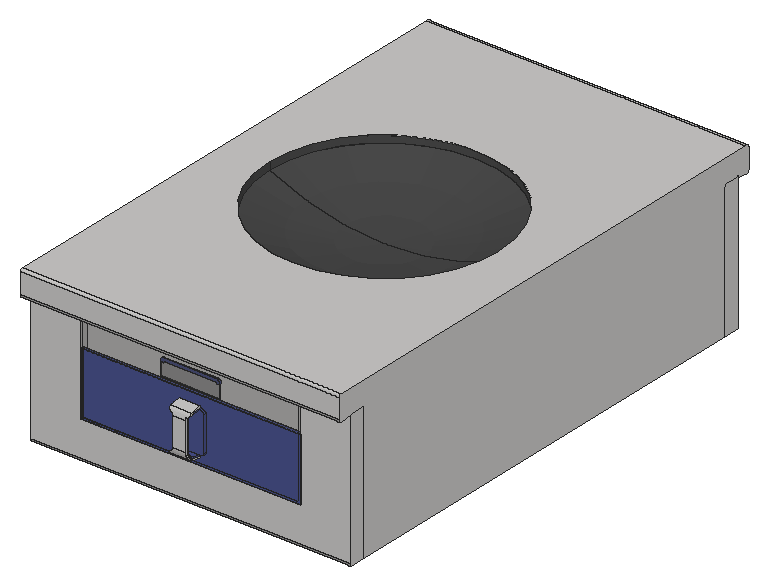
Revit family "QF_ELECTROLUXPROFESSIONAL_588025_MAIHAAEOAO", category Specialty Equipment, Revit 2018
Family settings
  Round Connector Dimension = Use Diameter
  Part Type = Normal
  Work Plane-Based = No
  Always vertical = Yes
  Cut with Voids When Loaded = No
  Shared = No
  Room Calculation Point = No
Parameters
  Weight in Pounds = 33.0693
  Watts = 5000 VA  # 5000 W
  Volts = 400 V  # constant formula
  URL Cutsheet = ""
  Type Mark [instance] = ""
  Status [instance] = ""
  Specification by User [instance] = ""
  Specification by Manufacturer = ""
  Serial Number = ""
  Seismic Rating = ""
  SMACNA No = ""
  Revision Code [instance] = ""
  Phase = 3  # constant formula
  Omniclass Number and Title = ""
  Number of Poles [instance] = 1
  NAFEM Spec ID Number = ""
  Model = "588025"
  Min Ckt Ampacity = 0 A
  Max Overcurrent Protection = 0 A
  Masterspec = ""
  Manufacturer = "ELECTROLUX"
  Item Number [instance] = ""
  Installed By [instance] = ""
  Identify Quantity as Lot [instance] = yes
  HP = "6.7 HP"
  Furnished By [instance] = ""
  Foodservice Equipment Identifier [instance] = yes
  FL Amps [instance] = if(Phase = 3, Watts / (Volts * 1.73), Watts / Volts)  # 7.22543 A
  Electrical Remarks = "400 V/3N ph/50/60 Hz"  # constant formula
  Electric Connection Type [instance] = ""
  Elec Conn RI Height [instance] = 0 mm
  Elec Conn Connection Height [instance] = 0 mm
  Direct Waste Size = 0"
  Description = "INDUCTION WOK,1 ZONE,1-SIDE,500X800X250H"
  Cycle [instance] = if([60 Hertz Option], 60 Hz, 50 Hz)  # 60 Hz
  Conn Plug = ""
  Conn Conduit = yes
  CSI MasterFormat = ""
  CSI Master Format = ""
  Apparent Power [instance] = if(Phase = 3, Volts * FL Amps * 1.73, Volts * FL Amps)  # 5000 VA
  60 Hertz Option [instance] = not([50 Hertz Option])  # yes
  50 Hertz Option [instance] = no
Reference planes
  plane 1 "BACK": y = 0
  plane 2: z = 0
  plane 3 "LEFT": x = 0
  plane 4 "RIGHT": x = 500
  plane 5 "FRONT": y = -800
  plane 6 "TOP": z = 250
  plane 7: x = 250
  plane 8: y = -400
  plane 9: z = 582.185
  plane 10: x = 455
Forms (mm)
  Extrusion 1, solid, material "QF_Finishes_Stainless Steel"
    sketch origin (0, -487.128, 0) x (0, 1, 0) y (0, 0, 1)
      loop
        line (483.128, 250) -> (-308.872, 250)
        arc (-308.872, 250) -> (-311.7, 248.828) -> (-312.872, 246) r 4
        line (-312.872, 246) -> (-312.872, 214)
        arc (-312.872, 214) -> (-311.443, 210.936) -> (-308.177, 210.061) r 4
        line (-308.177, 210.061) -> (-291.509, 213) -> (-266.872, 213) -> (-266.872, 0) -> (441.128, 0) -> (441.128, 213) -> (465.765, 213) -> (482.433, 210.061)
        arc (482.433, 210.061) -> (485.699, 210.936) -> (487.128, 214) r 4
        line (487.128, 214) -> (487.128, 246)
        arc (487.128, 246) -> (485.956, 248.828) -> (483.128, 250) r 4
    from 0 to 500
  Extrusion 2, solid, material "QF_Finishes_Stainless Steel"
    sketch origin (0, 0, 0) x (0, 1, 0) y (0, 0, 1)
      loop
        line (-46, 0) -> (-20, 0) -> (-20, 215)
        arc (-20, 215) -> (-20.586, 213.586) -> (-22, 213) r 2
        line (-22, 213) -> (-46, 213) -> (-46, 0)
    from 0 to 500
  Extrusion 3, solid, material "QF_Finishes_Stainless Steel"
    sketch origin (0, -754, 0) x (1, 0, 0) y (0, -1, 0)
      loop
        circle (455, -69) r 6.35
    from 0 to 3.2
  Revolve 4, void
    sketch origin (-176.365, -400, 1219.2) x (-1, 0, 0) y (0, 0, 1)
      loop
        line (-426.365, -969.2) -> (-426.365, -1021.018)
        arc (-426.365, -1021.018) -> (-334.117, -1010.707) -> (-246.365, -980.45) r 421.407
        line (-246.365, -980.45) -> (-246.365, -969.2) -> (-426.365, -969.2)
      axis (-426.365, -969.2) -> (-426.365, -1021.018)
    angle from 0 to 360
Cuts and joins
  Revolve 4 cuts Extrusion 1
Lines and regions (mm)
  symbolic lines
    curve 1: line (0, 0, 0) -> (500, 0, 0)
    curve 2: line (0, -800, 0) -> (0, 0, 0)
    curve 3: line (500, -800, 0) -> (0, -800, 0)
    curve 4: line (500, 0, 0) -> (500, -800, 0)
    curve 5: arc (70, -400, 0) -> (250, -220, 0) -> (430, -400, 0) r 180
    curve 6: arc (430, -400, 0) -> (250, -580, 0) -> (70, -400, 0) r 180
Dimensions and locks
  plane 3 "LEFT" to plane 4 "RIGHT" = 500 mm
  plane 5 "FRONT" to plane 1 "BACK" = 800 mm
  equal spacing: plane 3 "LEFT", plane 7, plane 4 "RIGHT"
  equal spacing: plane 5 "FRONT", plane 8, plane 1 "BACK"
  plane 6 "TOP" to level = 250 mm  (x2)
  plane 1 "BACK" to plane 5 "FRONT" = 800 mm
  Extrusion 3 sketch curve to plane 1 "BACK" = 685 mm
  Extrusion 3 sketch curve to plane 4 "RIGHT" = 45 mm
  plane 1 "BACK" to Extrusion 3 = 685 mm
  plane 10 to plane 4 "RIGHT" = 45 mm
  aligned and locked: level to plane 2
  aligned and locked: Extrusion 2 to plane 4 "RIGHT"
  aligned and locked: plane 7 to nested 1
Automatic sketch dimensions
  Extrusion 1 sketch curve to plane 5 "FRONT" = 0 mm
  Extrusion 1 sketch curve to plane 6 "TOP" = 0 mm
  Extrusion 1 sketch curve to level = 0 mm
  Extrusion 1 sketch curve to plane 1 "BACK" = 0 mm
  Extrusion 1 sketch curve to plane 6 "TOP" = 37 mm  (x2)
  Extrusion 1 sketch curve to plane 5 "FRONT" = 4 mm
  Extrusion 1 sketch curve to plane 5 "FRONT" = 21.363 mm
  Extrusion 1 sketch curve to Extrusion 1 sketch curve = 24.637 mm
  plane 1 "BACK" to Extrusion 1 sketch curve = 46 mm
  plane 1 "BACK" to Extrusion 1 sketch curve = 21.363 mm
  plane 1 "BACK" to Extrusion 1 sketch curve = 4 mm  (x2)
  Extrusion 1 sketch curve to Extrusion 1 sketch curve = 4 mm
  Extrusion 1 sketch curve to Extrusion 1 sketch curve = 0.695 mm
  Extrusion 1 sketch curve to Extrusion 1 sketch curve = 0 mm  (x4)
  plane 1 "BACK" to Extrusion 1 sketch curve = 4.695 mm
  Extrusion 1 sketch curve to Extrusion 1 sketch curve = 1 mm  (x2)
  Extrusion 2 sketch curve to level = 0 mm
  Extrusion 2 sketch curve to Extrusion 2 sketch curve = 26 mm
  Extrusion 2 sketch curve to Extrusion 2 sketch curve = 2 mm
  Extrusion 2 sketch curve to plane 6 "TOP" = 37 mm
  Revolve 4 sketch curve to plane 7 = 0 mm  (x2)
  Revolve 4 sketch curve to plane 6 "TOP" = 0 mm
  Revolve 4 sketch curve to plane 6 "TOP" = 51.818 mm
  plane 3 "LEFT" to Revolve 4 sketch curve = 70 mm
  plane 7 to Revolve 4 sketch curve = 0.405 mm
  Revolve 4 sketch curve to Revolve 4 sketch curve = 11.25 mm
  Revolve 4 sketch curve to level = 215 mm
  plane 6 "TOP" to Revolve 4 sketch curve = 110 mm
  plane 1 "BACK" to curve 1 = 0 mm
  curve 1 to plane 4 "RIGHT" = 0 mm
  curve 2 to plane 3 "LEFT" = 0 mm
  plane 5 "FRONT" to curve 3 = 0 mm
  curve 5 to plane 8 = 0 mm
  curve 6 to plane 7 = 0 mm
  plane 10 to curve 5 = 25 mm
  plane 1 "BACK" to Extrusion 2 sketch curve = 22 mm
  radius of Extrusion 3 sketch curve = 6.35 mm
Nested families
  nested 1: "IW_800_500 Panel Single Centered" at (250, -754, -651.71), type "IW_800_500 Panel Single Centered"
Connectors
  electrical at (455, -685, -3.2), driven by "Volts", driven by "Watts"
    settings: on Extrusion 3, index 1, voltage 400 V, apparent load 5000 VA, apparent load phase1 0 VA, apparent load phase2 0 VA, apparent load phase3 0 VA, power factor 1, load classification "Other", number of poles 1, system type 30, power factor state 1, is connector primary yes, connector utility no, sub classification motor no, connector description "ELECTRICAL CONNECTION"
Definition of nested family "IW_800_500 Panel Single Centered"
  Reference planes
    plane 1 "Center (Front/Back)": y = 0
    plane 2: z = 0
    plane 3 "Center (Left/Right)": x = 0
  Forms (mm)
    Extrusion 1, solid
      sketch origin (833.217, 829.203, -1.25) x (0, 1, 0) y (0, 0, 1)
        loop
          arc (-854.203, 655.96) -> (-853.324, 653.839) -> (-851.203, 652.96) r 3
          line (-851.203, 652.96) -> (-829.203, 652.96) -> (-829.203, 865.96) -> (-854.203, 865.96) -> (-854.203, 655.96)
      from -1083.217 to -583.217
    Extrusion 2, void
      sketch origin (33.217, 829.203, 0.636) x (1, 0, 0) y (0, 0, 1)
        loop
          line (-205.217, 852.364) -> (-205.217, 710.364) -> (138.783, 710.364) -> (138.783, 852.364) -> (-205.217, 852.364)
      from 843.409 to 854.203
  Cuts and joins
    Extrusion 2 cuts Extrusion 1
  Lines and regions (mm)
    symbolic lines
      curve 1: line (16.108, -48.326, 0) -> (16.108, -46, 0)
      curve 2: spline (10.439, -49.73, 0) -> (10.918, -49.657, 0) -> (11.396, -49.575, 0) -> (11.873, -49.486, 0) -> (12.349, -49.389, 0) -> (12.823, -49.283, 0) -> (13.297, -49.17, 0) -> (13.769, -49.049, 0) -> (14.24, -48.92, 0) -> (14.71, -48.783, 0) -> (15.177, -48.638, 0) -> (15.643, -48.486, 0) -> (16.108, -48.326, 0)
      curve 3: line (-16.108, -48.326, 0) -> (-16.108, -46, 0)
      curve 4: spline (-16.108, -48.326, 0) -> (-15.643, -48.486, 0) -> (-15.177, -48.638, 0) -> (-14.71, -48.783, 0) -> (-14.24, -48.92, 0) -> (-13.769, -49.049, 0) -> (-13.297, -49.17, 0) -> (-12.823, -49.283, 0) -> (-12.349, -49.389, 0) -> (-11.873, -49.486, 0) -> (-11.396, -49.575, 0) -> (-10.918, -49.657, 0) -> (-10.439, -49.73, 0)
      curve 5: line (10.439, -49.73, 0) -> (-10.439, -49.73, 0)
  Dimensions and locks
    cut or joined group of Extrusion 1, Extrusion 2 to cut or joined group of Extrusion 1, Extrusion 2 = 500 mm  (x2)
    equal spacing: cut or joined group of Extrusion 1, Extrusion 2, nested 1, cut or joined group of Extrusion 1, Extrusion 2
    cut or joined group of Extrusion 1, Extrusion 2 to cut or joined group of Extrusion 1, Extrusion 2 = 213 mm
    aligned and locked: nested 1 to cut or joined group of Extrusion 1, Extrusion 2
  Automatic sketch dimensions
    curve 3 to plane 3 "Center (Left/Right)" = 16.108 mm
    plane 3 "Center (Left/Right)" to curve 5 = 10.439 mm
    plane 1 "Center (Front/Back)" to curve 5 = 49.73 mm
    curve 3 to curve 5 = 5.669 mm
    curve 5 to curve 1 = 5.669 mm
    curve 5 to curve 4 = 4.17 mm
    plane 3 "Center (Left/Right)" to curve 2 = 6.269 mm
    curve 5 to curve 1 = 1.405 mm
    curve 4 to curve 3 = 1.405 mm
    curve 2 to curve 2 = 0.302 mm
    curve 4 to curve 5 = 0.302 mm
    curve 1 to curve 1 = 2.326 mm
    curve 4 to curve 3 = 2.326 mm
    Extrusion 1 sketch curve to plane 1 "Center (Front/Back)" = 0 mm
    level to Extrusion 1 sketch curve = 651.71 mm
    Extrusion 1 sketch curve to Extrusion 1 sketch curve = 22 mm
    Extrusion 1 sketch curve to Extrusion 1 sketch curve = 3 mm
    Extrusion 1 sketch curve to Extrusion 1 sketch curve = 210 mm
    Extrusion 2 sketch curve to plane 3 "Center (Left/Right)" = 172 mm
    level to Extrusion 2 sketch curve = 711 mm
    plane 3 "Center (Left/Right)" to Extrusion 2 sketch curve = 172 mm
    Extrusion 2 sketch curve to Extrusion 2 sketch curve = 142 mm
  Nested families
    nested 1: "glass conrol panel One Right Side" at (0, 279.791, 1.886), type "glass conrol panel One Right Side"
    nested 2: "Range Control Handle" at (0, -27.043, -209.113), type "Range Control Handle"
  Definition of nested family "glass conrol panel One Right Side"
    Reference planes
      plane 1 "Center (Front/Back)": y = 0
      plane 2: z = 0
      plane 3 "Center (Left/Right)": x = 0
    Forms (mm)
      Extrusion 1, solid
        sketch origin (378.286, 0, 0.617) x (1, 0, 0) y (0, 0, 1)
          loop
            line (-550.286, 806.791) -> (-550.286, 708.497) -> (-206.286, 708.497) -> (-206.286, 806.791) -> (-550.286, 806.791)
        from 300.031 to 304.8
      Extrusion 2, solid
        sketch origin (378.286, 0, 0.617) x (1, 0, 0) y (0, 0, 1)
          loop
            line (-550.286, 850.497) -> (-550.286, 806.791) -> (-206.286, 806.791) -> (-206.286, 850.497) -> (-550.286, 850.497)
        from 300.031 to 304.8
      Extrusion 3, solid
        sketch origin (308.333, 1.101, -0.633) x (1, 0, 0) y (0, 0, 1)
          loop
            line (-261.431, 812.62) -> (-261.431, 834.177) -> (-266.24, 834.177) -> (-268.039, 835.977) -> (-348.469, 835.977) -> (-350.269, 834.177) -> (-355.186, 834.177) -> (-355.186, 812.62) -> (-261.431, 812.62)
        from 304.798 to 306.745
      Extrusion 4, solid
        sketch origin (308.333, 1.101, -0.633) x (1, 0, 0) y (0, 0, 1)
          loop
            line (-350.269, 834.177) -> (-348.469, 835.977) -> (-268.039, 835.977) -> (-266.24, 834.177) -> (-261.529, 834.177)
            arc (-261.529, 834.177) -> (-262.706, 838.752) -> (-266.98, 840.763) r 5.549
            line (-266.98, 840.763) -> (-349.686, 840.763)
            arc (-349.686, 840.763) -> (-353.942, 838.747) -> (-355.078, 834.177) r 5.5
            line (-355.078, 834.177) -> (-350.269, 834.177)
        from 304.798 to 306.745
      Extrusion 5, void
        sketch origin (378.286, 0, 0.617) x (1, 0, 0) y (0, 0, 1)
          loop
            line (-547.628, 847.565) -> (-547.628, 710.699) -> (-209.196, 710.699) -> (-209.196, 847.565) -> (-547.628, 847.565)
        from 303.697 to 304.8
    Cuts and joins
      Extrusion 5 cuts Extrusion 2
      Extrusion 5 cuts Extrusion 1
    Dimensions and locks
      aligned and locked: Extrusion 1 to Extrusion 2
      aligned and locked: Extrusion 4 sketch curve to Extrusion 3  (x4)
      aligned and locked: Extrusion 3 to Extrusion 4 sketch curve
      aligned and locked: Extrusion 4 to Extrusion 3
  Definition of nested family "Range Control Handle"
    Reference planes
      plane 1 "Center (Front/Back)": y = 0
      plane 2: z = 0
      plane 3 "Center (Left/Right)": x = 0
      plane 4: z = 971.092
    Forms (mm)
      Extrusion 1, solid
        sketch origin (-746.28, 380.497, 208.931) x (-1, 0, 0) y (0, 0, 1)
          loop
            line (-770.101, 786.798) -> (-770.101, 731.649)
            arc (-770.101, 731.649) -> (-769.759, 730.563) -> (-768.855, 729.87) r 1.893
            line (-768.855, 729.87) -> (-763.474, 727.911) -> (-729.81, 727.911) -> (-724.428, 729.87)
            arc (-724.428, 729.87) -> (-723.525, 730.563) -> (-723.183, 731.649) r 1.893
            line (-723.183, 731.649) -> (-723.183, 786.798)
            arc (-723.183, 786.798) -> (-723.529, 787.894) -> (-724.44, 788.593) r 1.91
            line (-724.44, 788.593) -> (-729.683, 790.819) -> (-763.601, 790.819) -> (-768.844, 788.593)
            arc (-768.844, 788.593) -> (-769.755, 787.894) -> (-770.101, 786.798) r 1.91
        from -382.35 to -378.852
      Sweep 2, solid
        path origin (-746.788, 380.496, 208.091) x (0, -1, 0) y (0, 0, 1)
          loop
            line (379.775, 793.281) -> (395.661, 791.048)
            arc (395.661, 791.048) -> (397.781, 787.377) -> (398.517, 783.202) r 12.207
            line (398.517, 783.202) -> (398.517, 737.368)
            arc (398.517, 737.368) -> (397.781, 733.193) -> (395.661, 729.522) r 12.207
            line (395.661, 729.522) -> (379.775, 727.289)
        profile origin (-746.788, -7.222, 1000.256) x (0, -0.139173, 0.990268) y (-1, 0, 0)
          loop
            line (0.782, -763.123) -> (0.782, -730.907) -> (-1.322, -730.907) -> (-1.322, -763.123) -> (0.782, -763.123)
      Sweep 3, solid
        path origin (-746.788, 380.715, 207.832) x (0, -1, 0) y (0, 0, 1)
          loop
            line (380.478, 795.442) -> (397.218, 793.09)
            arc (397.218, 793.09) -> (399.929, 788.473) -> (400.871, 783.202) r 15.207
            line (400.871, 783.202) -> (400.871, 737.584)
            arc (400.871, 737.584) -> (399.914, 732.274) -> (397.164, 727.633) r 15.207
            line (397.164, 727.633) -> (380.601, 725.305)
        profile origin (-746.788, -8.132, 1002.099) x (0, -0.139173, 0.990268) y (-1, 0, 0)
          loop
            line (0.782, -763.123) -> (0.782, -730.907) -> (-1.322, -730.907) -> (-1.322, -763.123) -> (0.782, -763.123)
      Extrusion 4, void
        sketch origin (889.253, 220.666, 207.993) x (1, 0, 0) y (0, 0, 1)
          loop
            line (-943.038, 816.854) -> (-943.038, 703.686) -> (-899.466, 734.196) -> (-899.466, 786.344) -> (-943.038, 816.854)
        from 230.636 to 242.25
      Extrusion 5, void
        sketch origin (-888.8, 220.666, 207.993) x (-1, 0, 0) y (0, 0, -1)
          loop
            line (-943.038, -816.854) -> (-899.466, -786.344) -> (-899.466, -734.196) -> (-943.038, -703.686) -> (-943.038, -816.854)
        from 230.636 to 242.25
      Extrusion 6, solid
        sketch origin (0, 0, 0) x (1, 0, 0) y (0, 0, 1)
          loop
            circle (0, 971.092) r 7.736
        from -3.137 to -1.645
    Cuts and joins
      Extrusion 4, Extrusion 5 cuts Sweep 3
      Extrusion 4, Extrusion 5 cuts Sweep 2
      joined: Extrusion 1, Extrusion 6
    Lines and regions (mm)
      symbolic lines
        curve 1: line (23.821, 1.645, 0) -> (-23.097, 1.645, 0)
        curve 2: line (16.334, -1.853, 0) -> (23.821, -1.853, 0)
        curve 3: line (-15.881, -19.189, 0) -> (-15.881, -1.853, 0)
        curve 4: line (-23.097, -1.853, 0) -> (-15.881, -1.853, 0)
        curve 5: line (16.334, -19.189, 0) -> (16.334, -1.853, 0)
        curve 6: spline (-15.881, -19.189, 0) -> (-15.417, -19.349, 0) -> (-14.951, -19.501, 0) -> (-14.483, -19.646, 0) -> (-14.014, -19.783, 0) -> (-13.543, -19.912, 0) -> (-13.071, -20.033, 0) -> (-12.597, -20.146, 0) -> (-12.122, -20.251, 0) -> (-11.646, -20.349, 0) -> (-11.169, -20.438, 0) -> (-10.691, -20.52, 0) -> (-10.213, -20.593, 0)
        curve 7: spline (10.666, -20.593, 0) -> (11.144, -20.52, 0) -> (11.622, -20.438, 0) -> (12.099, -20.349, 0) -> (12.575, -20.251, 0) -> (13.05, -20.146, 0) -> (13.524, -20.033, 0) -> (13.996, -19.912, 0) -> (14.467, -19.783, 0) -> (14.936, -19.646, 0) -> (15.404, -19.501, 0) -> (15.87, -19.349, 0) -> (16.334, -19.189, 0)
        curve 8: line (-10.213, -20.938, 0) -> (10.716, -20.938, 0)
        curve 9: line (-23.097, 1.645, 0) -> (-23.097, -1.853, 0)
        curve 10: line (23.821, 1.645, 0) -> (23.821, -1.853, 0)
